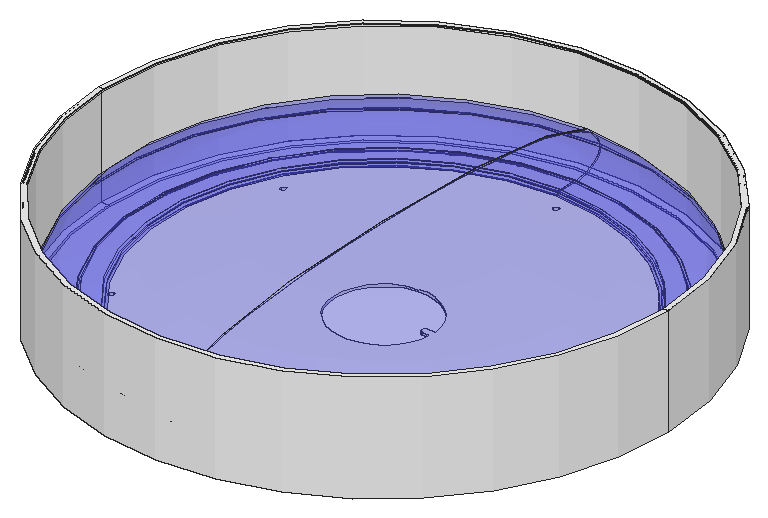
Revit family "BE_50794.1_de_DE", category Leuchten, Revit 2020
Family settings
  Basisbauteil = Fläche
  Bemaßung runder Anschluss = Durchmesser verwenden
  Teiletyp = Normal
  Beim Laden mit Abzugskörper schneiden = Ja
  Lichtquelle = Ja
  Gemeinsam genutzt = Nein
  Raumberechnungspunkt = Ja
Parameters (values of type "BEGA_50794.1_K3")
  built-in parameter 1150104 = 15.525 (stored number, unit not read)
  Wattage = 91.2 W
  Default Elevation = 0 mm
  built-in parameter 1150113 = 1 (stored number, unit not read)
  built-in parameter 1114218 = 1 (stored number, unit not read)
  Umgebungstemperatur = "25 °C"
  URL = "https://www.bega.com/de/produkt/50794.1"
  Typenkommentare = "© 2023 BEGA. Wir behalten uns das Recht vor, technische Änderungen ohne vorherige Ankündigung vorzunehmen."  # constant formula
  built-in parameter 1150134 = (empty or 0)
  built-in parameter 1150109 = 1 (stored number, unit not read)
  Strom = ""
  built-in parameter 1150110 = 1 (stored number, unit not read)
  Spannung = 239.996 V
  Sonderanfertigung = no
  Seriennummer [instance] = "Hier können Sie die eindeutige Seriennummer für das Facility Management eintragen."
  Schutzklasse = "I"
  Schutzart = "IP 20"
  Scheinlast = 0 VA
  Produktdatenblatt = "https://cdn.bega.com/bega/products/50794.1K3/current/documents/data-sheets/de"
  Neigungswinkel = 0.00°
  Modell = "50794.1K3"
  Material_34 = BEGA_Oberfläche_Samtweiss_matt
  Material_22 = BEGA_finishes_aluminium_matt
  Material_14 = BEGA_Kunststoff_opal
  M_W = no
  M_G = no
  M_A = no
  Logo = 0
  built-in parameter 1114217 = 1 (stored number, unit not read)
  built-in parameter 1150139 = (empty or 0)
  built-in parameter 1150105 = 1212.8 (stored number, unit not read)
  built-in parameter 1150114 = 1 (stored number, unit not read)
  Lumens = 15240.4 lm
  built-in parameter 1150115 = 1 (stored number, unit not read)
  Leuchtenlichtstrom = "10800 lm"
  Leuchtenanzahl = ""
  Lebensdauerkriterien = "L70B50 @ 25 °C = 200000 h"
  Lastklassifizierung = Beleuchtung
  built-in parameter 1150112 = 1 (stored number, unit not read)
  Lampenlichtstrom = "15240 lm"
  Lampe = "LED 91.2 W"
  LED_Modulbezeichnung = "4 x LED-0704/930"
  Hersteller = "BEGA"  # constant formula
  Halbstreuwinkel = ""
  Gewicht = "34.7 kg"
  Frequenz = "0/50-60 Hz"
  Farbwiedergabeindex = "CRI > 90"
  Farbtemperaturverschiebung bei Dämpfen der Lampe = <Keine Auswahl>
  Farbtemperatur = "3000 K"
  Color Filter = 16777215
  built-in parameter 1150133 = 10 (stored number, unit not read)
  Energieeffizienzklasse = "LED A++ - A"
  built-in parameter 1150137 = (empty or 0)
  built-in parameter 1150132 = (empty or 0)
  ENEC = "ja"
  Dimmbar [instance] = "DALI"
  Datei für fotometrisches Netz = "BE_50794-1K3.ies"
  CE_Konformität = "ja"
  Bestellnummer = "50794.1K3"
  Beschreibung_Sonderanfertigung = "Hier können Sie Informationen zur Sonderanfertigung eintragen."
  Beschreibung = "Großflächen-Deckenleuchte"
  built-in parameter 1150106 = 12.128 (stored number, unit not read)
  Befestigungsbohrung = "Ø 10 mm"
  Befestigungsabstand = ""
  BEGA_Intern_aus = yes
  BEGA_Intern_an = yes
  BEGA_Intern_Konstruktion = yes
  BEGA_Intern = yes
  BEGA_IES = yes
  BEGA_Dummy = no
  Anschlussleistung [instance] = "100 W"
  Anschlusskasten = ""
  built-in parameter 1150107 = 3000 (stored number, unit not read)
  built-in parameter 1150102 = (empty or 0)
  built-in parameter 1150138 = (empty or 0)
  Aktualisierung = "2023-08-23T04:00:04"
  AC/DC = "AC/DC"
Reference planes
  plane 1 "Mitte (Vorne/Hinten)": y = 0
  plane 2: z = 0
  plane 3 "Mitte (Links/Rechts)": x = 0
  plane 4 "Links": x = -523.002
  plane 5 "Rechts": x = 522.973
  plane 6 "Unten": y = -523.098
  plane 7 "Oben": y = 523.059
  plane 8 "Vorne": z = 202.131
Forms (mm)
  Extrusion 1, solid, material "BEGA_Platte_Weiss"
    sketch origin (0, -1119.2, 0) x (1, 0, 0) y (0, 1, 0)
      loop
        line (-200, 1319.2) -> (-200, 919.2) -> (200, 919.2) -> (200, 1319.2) -> (-200, 1319.2)
    from 0 to -10
  Extrusion 2, solid, material "BEGA_Dummy_matt", visible <- "BEGA_Dummy"
    sketch origin (77.149, -76.023, 0) x (1, 0, 0) y (0, 1, 0)
      loop
        circle (-77.149, 76.023) r 523
    from 0 to 202.131
Dimensions and locks
  plane 1 "Mitte (Vorne/Hinten)" to Extrusion 1 = 200 mm
  aligned and locked: plane 2 to Extrusion 1
  aligned and locked: level to Extrusion 1
Nested families
  nested 1: "BE_50794.1_Leuchte" at (0, 0, 0), type "BE_50794.1_Leuchte"
Connectors
  electrical at (0, 0, 0), driven by "Lastklassifizierung", driven by "Spannung", driven by "Scheinlast"
    settings: index 1, voltage 239.996 V, apparent load 0 VA, apparent load phase1 0 VA, apparent load phase2 0 VA, apparent load phase3 0 VA, power factor 1, load classification "Beleuchtung", number of poles 1, system type 31, power factor state 1, is connector primary yes, connector utility no, sub classification motor no, connector description ""
Definition of nested family "BE_50794.1_Leuchte"
  Parameters (values of type "BE_50794.1_Leuchte")
    Default Elevation = 1 mm
    URL = "http://www.bega.de/de/produkt"
    Type Comments = "© 2015 BEGA. Wir behalten uns das Recht vor, technische Änderungen ohne vorherige Ankündigung vorzunehmen. "  # constant formula
    Type Image = (empty or 0)
    Material_34 = none
    Material_22 = none
    Material_14 = none
    Länge_Platte = 1200 mm  # constant formula
    Höhe_Platte = -10 mm  # constant formula
    Manufacturer = "BEGA"  # constant formula
    Breite_Platte = 1200 mm  # constant formula
  Reference planes
    plane 1 "Mitte (Oben/Unten)": y = 0
    plane 2: z = 0
    plane 3 "Mitte (Links/Rechts)": x = 0
    plane 4: z = 202.131
    plane 5: x = -523.002
    plane 6: x = 522.973
    plane 7: y = 523.059
    plane 8: y = -523.098
  Forms (mm)
    Extrusion 1, solid, detail levels medium
      sketch origin (0, 0, 0) x (1, 0, 0) y (0, 1, 0)
        loop
          line (-600, 600) -> (-600, -600) -> (600, -600) -> (600, 600) -> (-600, 600)
      from 0 to -10 <- "Höhe_Platte"
    Extrusion 2, solid, material <- "Material_22"
      sketch origin (0, 0, 0) x (1, 0, 0) y (0, 1, 0)
        loop
          circle (0, 0) r 518
        loop
          arc (89.8, 6) -> (-90, 0) -> (89.8, -6) r 90
          line (89.8, -6) -> (76, -6)
          arc (76, -6) -> (70, 0) -> (76, 6) r 6
          line (76, 6) -> (89.8, 6)
      from 7 to 11.131
    Extrusion 3, void
      sketch origin (0, 0, 0) x (1, 0, 0) y (0, 1, 0)
        loop
          circle (-342.08, 197.5) r 5
        loop
          circle (0, 395) r 5
        loop
          circle (342.08, 197.5) r 5
        loop
          circle (342.08, -197.5) r 5
        loop
          circle (0, -395) r 5
        loop
          circle (-342.08, -197.5) r 5
      from 0 to 27
    Extrusion 4, solid, material <- "Material_22"
      sketch origin (0, 0, 0) x (1, 0, 0) y (0, 1, 0)
        loop
          circle (-342.08, -197.5) r 9.85
        loop
          circle (-342.08, 197.5) r 9.85
        loop
          circle (0, 395) r 9.85
        loop
          circle (342.08, 197.5) r 9.85
        loop
          circle (342.08, -197.5) r 9.85
        loop
          circle (0, -395) r 9.85
      from 0 to 9
    Revolve 5, solid, material <- "Material_34"
      sketch origin (0, 0, 0) x (1, 0, 0) y (0, 0, 1)
        loop
          line (523, 202.131) -> (514, 202.131) -> (514, 200.381) -> (521, 200.381) -> (521, 2.131) -> (523, 2.131) -> (523, 202.131)
        axis (0, 2.131) -> (0, 202.131)
      angle from 0 to 360
    Revolve 6, solid, material <- "Material_34"
      sketch origin (0, 0, 0) x (1, 0, 0) y (0, 0, 1)
        loop
          line (521, 2.131) -> (521, 200.381) -> (514, 200.381) -> (514, 198.631) -> (519, 198.631) -> (519, 15.131) -> (505.7, 15.131) -> (505.7, 11.131) -> (519, 11.131) -> (519, 2.131) -> (521, 2.131)
        axis (0, 2.131) -> (0, 200.381)
      angle from 0 to 360
    Revolve 7, solid, material <- "Material_14"
      sketch origin (0, 0, 0) x (0, 1, 0) y (0, 0, 1)
        loop
          arc (405.484, 39.35) -> (402.484, 38.546) -> (400.287, 36.35) r 6
          line (400.287, 36.35) -> (396.823, 30.35) -> (401.442, 30.35) -> (404.329, 35.35) -> (438.5, 35.35) -> (440.328, 33.522)
          arc (440.328, 33.522) -> (441.905, 32.551) -> (443.751, 32.394) r 4
          spline (443.751, 32.394) -> (451.696, 33.822) -> (459.282, 35.664) -> (466.426, 37.899) -> (473.047, 40.503) -> (479.074, 43.446) -> (484.439, 46.697) -> (489.083, 50.22) -> (492.955, 53.975) -> (496.011, 57.921) -> (498.219, 62.014) -> (499.554, 66.21) -> (500, 70.461)
          spline (500, 70.461) -> (496.365, 85.179) -> (485.474, 98.812) -> (467.369, 111.31) -> (442.118, 122.624) -> (409.819, 132.711) -> (370.595, 141.533) -> (324.596, 149.055) -> (271.998, 155.249) -> (213.002, 160.092) -> (147.834, 163.564) -> (76.742, 165.652) -> (0, 166.349)
          line (0, 166.349) -> (0, 162.349)
          spline (0, 162.349) -> (76.667, 161.653) -> (147.671, 159.567) -> (212.734, 156.1) -> (271.603, 151.268) -> (324.046, 145.093) -> (369.842, 137.604) -> (408.797, 128.844) -> (440.724, 118.875) -> (465.445, 107.801) -> (482.79, 95.843) -> (492.806, 83.354) -> (495.999, 70.46)
          spline (495.999, 70.46) -> (495.639, 67.034) -> (494.539, 63.585) -> (492.664, 60.112) -> (489.98, 56.65) -> (486.483, 53.26) -> (482.196, 50.01) -> (477.16, 46.962) -> (471.438, 44.168) -> (465.099, 41.672) -> (458.215, 39.519) -> (450.871, 37.737) -> (443.157, 36.35)
          line (443.157, 36.35) -> (441.892, 37.615)
          arc (441.892, 37.615) -> (439.953, 38.899) -> (437.672, 39.35) r 6
          line (437.672, 39.35) -> (405.484, 39.35)
        axis (0, 166.349) -> (0, 30.35)
      angle from 0 to 360
  Cuts and joins
    Extrusion 3 cuts Extrusion 2
    Extrusion 3 cuts Extrusion 4
    joined: Extrusion 2, Extrusion 4
  Dimensions and locks
    equal spacing: Extrusion 1 sketch curve, plane 3 "Mitte (Links/Rechts)", Extrusion 1 sketch curve
    equal spacing: Extrusion 1 sketch curve, plane 1 "Mitte (Oben/Unten)", Extrusion 1 sketch curve
    "Länge_Platte": Extrusion 1 sketch curve to Extrusion 1 sketch curve
    "Breite_Platte": Extrusion 1 sketch curve to Extrusion 1 sketch curve
    aligned and locked: Extrusion 1 to plane 2
    aligned and locked: Extrusion 1 to level
  Automatic sketch dimensions
    Extrusion 2 sketch curve to Extrusion 2 sketch curve = 0 mm  (x3)
    plane 1 "Mitte (Oben/Unten)" to Extrusion 2 sketch curve = 0 mm  (x2)
    Extrusion 2 sketch curve to plane 3 "Mitte (Links/Rechts)" = 0 mm
    plane 1 "Mitte (Oben/Unten)" to Extrusion 2 sketch curve = 6 mm
    Extrusion 2 sketch curve to Extrusion 2 sketch curve = 13.8 mm
    plane 3 "Mitte (Links/Rechts)" to Extrusion 2 sketch curve = 76 mm
    Revolve 5 sketch curve to plane 3 "Mitte (Links/Rechts)" = 0 mm
    level to Revolve 5 sketch curve = 202.131 mm
    plane 3 "Mitte (Links/Rechts)" to Revolve 5 sketch curve = 514 mm
    level to Revolve 5 sketch curve = 2.131 mm
    Revolve 5 sketch curve to Revolve 5 sketch curve = 9 mm
    Revolve 5 sketch curve to Revolve 5 sketch curve = 2 mm
    Revolve 5 sketch curve to level = 609.6 mm
    Revolve 5 sketch curve to Revolve 5 sketch curve = 1.75 mm
    Revolve 5 sketch curve to Revolve 5 sketch curve = 2406.927 mm
    level to Revolve 6 sketch curve = 15.131 mm
    plane 3 "Mitte (Links/Rechts)" to Revolve 6 sketch curve = 505.7 mm
    Revolve 6 sketch curve to Revolve 6 sketch curve = 5 mm
    Revolve 6 sketch curve to Revolve 6 sketch curve = 0 mm
    Revolve 6 sketch curve to Revolve 6 sketch curve = 4 mm
    level to Revolve 6 sketch curve = 2.131 mm
    Revolve 6 sketch curve to Revolve 6 sketch curve = 183.5 mm
    Revolve 6 sketch curve to Revolve 6 sketch curve = 2 mm
    Revolve 6 sketch curve to Revolve 6 sketch curve = 1.75 mm
    Revolve 6 sketch curve to Revolve 6 sketch curve = 8.3 mm
    Revolve 6 sketch curve to plane 3 "Mitte (Links/Rechts)" = 0 mm
    Revolve 6 sketch curve to level = 609.6 mm
    Revolve 6 sketch curve to Revolve 6 sketch curve = 2408.677 mm
    Revolve 7 sketch curve to plane 1 "Mitte (Oben/Unten)" = 0 mm  (x2)
    level to Revolve 7 sketch curve = 30.35 mm
    Revolve 7 sketch curve to plane 1 "Mitte (Oben/Unten)" = 396.823 mm
    Revolve 7 sketch curve to Revolve 7 sketch curve = 4.619 mm
    Revolve 7 sketch curve to Revolve 7 sketch curve = 2.887 mm
    Revolve 7 sketch curve to Revolve 7 sketch curve = 1.155 mm
    Revolve 7 sketch curve to Revolve 7 sketch curve = 32.188 mm
    Revolve 7 sketch curve to Revolve 7 sketch curve = 0.828 mm
    level to Revolve 7 sketch curve = 37.615 mm
    Revolve 7 sketch curve to Revolve 7 sketch curve = 3.392 mm
    Revolve 7 sketch curve to Revolve 7 sketch curve = 1.265 mm  (x2)
    Revolve 7 sketch curve to Revolve 7 sketch curve = 4.265 mm
    Revolve 7 sketch curve to Revolve 7 sketch curve = 3 mm
    Revolve 7 sketch curve to Revolve 7 sketch curve = 2 mm
    level to Revolve 7 sketch curve = 162.349 mm
    Revolve 7 sketch curve to Revolve 7 sketch curve = 4 mm
    Revolve 7 sketch curve to level = 198.183 mm
    level to Revolve 7 sketch curve = 36.35 mm  (x2)
    Revolve 7 sketch curve to Revolve 7 sketch curve = 4.041 mm
    Revolve 7 sketch curve to Revolve 7 sketch curve = 0 mm  (x3)
    Revolve 7 sketch curve to Revolve 7 sketch curve = 13.738 mm
    level to Revolve 7 sketch curve = 33.522 mm
    Revolve 7 sketch curve to Revolve 7 sketch curve = 1.828 mm
    Revolve 7 sketch curve to Revolve 7 sketch curve = 3.422 mm
    Revolve 7 sketch curve to Revolve 7 sketch curve = 0.002 mm
    Revolve 7 sketch curve to level = 609.6 mm
    Revolve 7 sketch curve to Revolve 7 sketch curve = 1.127 mm
    Revolve 7 sketch curve to Revolve 7 sketch curve = 2177.457 mm
    plane 1 "Mitte (Oben/Unten)" to Revolve 7 sketch curve = 1400.809 mm
    Revolve 7 sketch curve to Revolve 7 sketch curve = 56.527 mm
    Revolve 7 sketch curve to Revolve 7 sketch curve = 4.719 mm
    level to Revolve 7 sketch curve = 70.46 mm
    Revolve 7 sketch curve to Revolve 7 sketch curve = 4.001 mm
    radius of Extrusion 2 sketch curve = 518 mm
